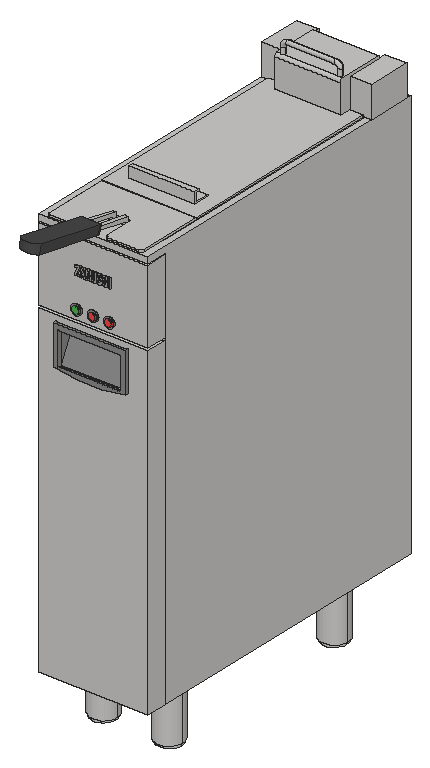
Revit family "QF_ZANUSSI_285003_ZXFRPB1BWQ", category Specialty Equipment, Revit 2018
Family settings
  Round Connector Dimension = Use Diameter
  Part Type = Normal
  Work Plane-Based = No
  Always vertical = Yes
  Cut with Voids When Loaded = No
  Shared = No
  Room Calculation Point = No
Parameters
  Weight = 0.00 kg
  Watts = 0 W
  Volts = 240 V
  URL Manufacturer = "http://www.zanussiprofessional.com/"
  URL = "http://www.zanussiprofessional.com/"
  Steam Supply Size = 0"
  Steam Supply Minimum Pressure = 0.00 psi
  Steam Supply Maximum Pressure = 0.00 psi
  Steam Pounds per Hour = 0
  Show Logo [instance] = yes
  Show Clearance [instance] = yes
  Refrigeration Suction Line Size = 0"
  Refrigeration Liquid Line Size = 0"
  Refrigerant Compressor Remote = yes
  Phase = 1
  Model = "ZXFRPB1BWQ"
  Manufacturer = "Zanussi"
  Length Actual = 200 mm  # constant formula
  Item Number = "285003"
  Hot Water Size = 0"
  Height Actual = 930 mm  # constant formula
  HP = "9.9 HP"
  Gas Size = 0"
  Gas KW = 0
  Gas Input Pressure = 0.0 Btu/h
  Direct Waste Size = 0"
  Description = "9LT EL.FRYER-1WELL+1BASKET+OIL PUMP"
  Depth Actual = 600 mm  # constant formula
  Cycle = 0 Hz
  Condensate Return Size = 0"
  Compressed Air Volume = 0 GPM
  Compressed Air Size = 0"
  Compressed Air Pressure = 0.00 psi
  Cold Water Size = 0"
  Accessory = yes
Reference planes
  plane 1 "BACK": y = 0
  plane 2: z = 0
  plane 3 "LEFT": x = 0
  plane 4 "RIGHT": x = 200
  plane 5 "FRONT": y = -600
  plane 6 "TOP": z = 907
  plane 7 "Center Y": x = 100
  plane 8 "Center X": y = -300
  plane 9 "TOP A": z = 850
  plane 10: z = 100
  plane 11: y = -124
  plane 12: y = -501
  plane 13: y = -943
  plane 14: x = 160
  plane 15: x = 40
  plane 16: z = 915.999
  plane 17: z = 935
  plane 18: x = 155
  plane 19: y = -781
  plane 20: y = -755
  plane 21: y = 95
  plane 22: z = 700
  plane 23: x = 40
  plane 24: z = 935
Forms (mm)
  Extrusion 1, solid, material "QF_Finishes_Stainless Steel"
    sketch origin (0, 0, 0) x (0, 1, 0) y (0, 0, 1)
      loop
        line (0, 850) -> (-600, 850) -> (-600, 838.077) -> (-560.15, 838.077) -> (-560.15, 100) -> (0, 100) -> (0, 850)
      loop
        line (-600, 695) -> (-600, 100) -> (-561.737, 100) -> (-561.737, 695) -> (-600, 695)
      loop
        line (-561.737, 700) -> (-561.737, 835) -> (-600, 835) -> (-600, 700) -> (-561.737, 700)
    from 0 to 200
  Extrusion 2, void
    sketch origin (0, 0, 850) x (-1, 0, 0) y (0, -1, 0)
      loop
        line (-10.5, 88.124) -> (-10.5, 550.573) -> (-189.691, 550.573) -> (-189.691, 88.124) -> (-10.5, 88.124)
    from 0 to -150
  Extrusion 3, solid, material "QF_Clearances", visible <- "Show Clearance", detail levels coarse
    sketch origin (0, 0, 0) x (1, 0, 0) y (0, 1, 0)
      loop
        line (0, 0) -> (200, 0) -> (200, 95) -> (0, 95) -> (0, 0)
    from 0 to 907
  Extrusion 4, solid, material "QF_Door-Drawer Clearances", visible <- "Show Clearance", detail levels coarse
    sketch origin (0, 0, 850) x (-1, 0, 0) y (0, -1, 0)
      loop
        line (-190.5, 600) -> (-9.5, 600)
        arc (-9.5, 600) -> (-62.514, 727.986) -> (-190.5, 781) r 181
        line (-190.5, 781) -> (-190.5, 600)
    from -750 to -155
  Extrusion 5, solid, material "QF_Finishes_Stainless Steel"
    sketch origin (100, -139.304, 888.806) x (0, 1, 0) y (-1, 0, 0)
      loop
        line (49.304, 100) -> (49.304, 60) -> (129.304, 60) -> (129.304, 100) -> (49.304, 100)
      loop
        line (49.304, -100) -> (129.304, -100) -> (129.304, -60) -> (49.304, -60) -> (49.304, -100)
    from -38.806 to 18.194
  Revolve 6, solid, material "QF_Finishes_Stainless Steel"
    sketch origin (0, -501, 608.09) x (0, 0, 1) y (1, 0, 0)
      loop
        line (-608.09, 40) -> (-608.09, 17.609) -> (-603.09, 17.609) -> (-603.09, 15) -> (-508.09, 15) -> (-508.09, 40) -> (-608.09, 40)
      axis (-608.09, 40) -> (-508.09, 40)
    angle from 0 to 360
  Extrusion 7, solid, material "QF_Finishes_Stainless Steel"
    sketch origin (0, 600, 100) x (-1, 0, 0) y (0, 1, 0)
      loop
        circle (-155, -650) r 6.35
    from 0 to 8
  Revolve 8, solid, material "QF_Finishes_Stainless Steel"
    sketch origin (200, -501, 608.09) x (0, 0, 1) y (1, 0, 0)
      loop
        line (-608.09, -40) -> (-508.09, -40) -> (-508.09, -15) -> (-603.09, -15) -> (-603.09, -17.609) -> (-608.09, -17.609) -> (-608.09, -40)
      axis (-608.09, -40) -> (-508.09, -40)
    angle from 0 to 360
  Revolve 9, solid, material "QF_Finishes_Stainless Steel"
    sketch origin (0, -124, 608.09) x (0, 0, 1) y (-1, 0, 0)
      loop
        line (-608.09, -40) -> (-508.09, -40) -> (-508.09, -15) -> (-603.09, -15) -> (-603.09, -17.609) -> (-608.09, -17.609) -> (-608.09, -40)
      axis (-608.09, -40) -> (-508.09, -40)
    angle from 0 to 360
  Revolve 10, solid, material "QF_Finishes_Stainless Steel"
    sketch origin (200, -124, 608.09) x (0, 0, 1) y (-1, 0, 0)
      loop
        line (-608.09, 40) -> (-608.09, 17.609) -> (-603.09, 17.609) -> (-603.09, 15) -> (-508.09, 15) -> (-508.09, 40) -> (-608.09, 40)
      axis (-608.09, 40) -> (-508.09, 40)
    angle from 0 to 360
  Extrusion 11, void
    sketch origin (0, 0, 0) x (0, 1, 0) y (0, 0, 1)
      loop
        line (-600, 615) -> (-570, 675) -> (-600, 675) -> (-600, 615)
    from 40 to 155
  Extrusion 12, solid, material "QF_Finishes_grey"
    sketch origin (0, -600, 695) x (0, 0, -1) y (1, 0, 0)
      loop
        line (20, 40) -> (80, 40) -> (80, 155) -> (20, 155) -> (20, 40)
      loop
        line (10, 32) -> (82.581, 32)
        arc (82.581, 32) -> (90.011, 97.5) -> (82.581, 163) r 292.45
        line (82.581, 163) -> (10, 163) -> (10, 32)
    from 0 to 5
  Extrusion 13, solid, material "QF_Finishes_Red"
    sketch origin (39.327, -600, 649.266) x (0, 0, 1) y (-1, 0, 0)
      loop
        circle (68.272, -60.648) r 6.35
    from 0 to 3.175
  Extrusion 14, solid, material "QF_Finishes_grey"
    sketch origin (0, -600, 700) x (0, 0, 1) y (-1, 0, 0)
      loop
        circle (17.537, -99.975) r 6.35
      loop
        circle (17.537, -99.975) r 9.35
    from 0 to 1.394
  Extrusion 15, solid, material "QF_Finishes_Red"
    sketch origin (69.327, -600, 649.266) x (0, 0, 1) y (-1, 0, 0)
      loop
        circle (68.272, -60.648) r 6.35
    from 0 to 3.175
  Extrusion 16, solid, material "QF_Finishes_grey"
    sketch origin (30, -600, 700) x (0, 0, 1) y (-1, 0, 0)
      loop
        circle (17.537, -99.975) r 6.35
      loop
        circle (17.537, -99.975) r 9.35
    from 0 to 1.394
  Extrusion 17, solid, material "QF_Finishes_Green"
    sketch origin (9.327, -600, 649.266) x (0, 0, 1) y (-1, 0, 0)
      loop
        circle (68.272, -60.648) r 6.35
    from 0 to 3.175
  Extrusion 18, solid, material "QF_Finishes_grey"
    sketch origin (-30, -600, 700) x (0, 0, 1) y (-1, 0, 0)
      loop
        circle (17.537, -99.975) r 6.35
      loop
        circle (17.537, -99.975) r 9.35
    from 0 to 1.394
  Sweep 19, solid, material "QF_Finishes_Stainless Steel"
    path origin (-1.25, 52.5, 0) x (1, 0, 0) y (0, 0, 1)
      loop
        line (51.187, 910.561) -> (51.187, 921.65)
        arc (51.187, 921.65) -> (53.047, 926.14) -> (57.537, 928) r 6.35
        line (57.537, 928) -> (145.725, 928)
        arc (145.725, 928) -> (149.508, 926.433) -> (151.075, 922.65) r 5.35
        line (151.075, 922.65) -> (151.075, 910.561)
    profile origin (49.937, 52.5, 916.105) x (-1, 0, 0) y (0, -1, 0)
      loop
        circle (2.09, 153.254) r 3.827
  Extrusion 20, solid, material "QF_Finishes_Stainless Steel"
    sketch origin (0, 65, 0) x (0, 1, 0) y (0, 0, 1)
      loop
        line (-88.124, 910.561) -> (-170, 910.561)
        arc (-170, 910.561) -> (-173.536, 909.096) -> (-175, 905.561) r 5
        line (-175, 905.561) -> (-175, 850) -> (-88.124, 850) -> (-88.124, 910.561)
    from 40 to 160
  Extrusion 21, solid, material "QF_Finishes_Mesh"
    sketch origin (178.262, -64.779, 844.25) x (-1, 0, 0) y (0, -1, 0)
      loop
        arc (123.4, 118.481) -> (141.36, 125.92) -> (148.8, 143.881) r 25.4
        line (148.8, 143.881) -> (148.8, 376.11)
        arc (148.8, 376.11) -> (141.36, 394.071) -> (123.4, 401.51) r 25.4
        line (123.4, 401.51) -> (33.125, 401.51)
        arc (33.125, 401.51) -> (15.164, 394.071) -> (7.725, 376.11) r 25.4
        line (7.725, 376.11) -> (7.725, 143.881)
        arc (7.725, 143.881) -> (15.164, 125.92) -> (33.125, 118.481) r 25.4
        line (33.125, 118.481) -> (123.4, 118.481)
      loop
        arc (123.4, 121.656) -> (139.115, 128.165) -> (145.625, 143.881) r 22.225
        line (145.625, 143.881) -> (145.625, 376.11)
        arc (145.625, 376.11) -> (139.115, 391.826) -> (123.4, 398.335) r 22.225
        line (123.4, 398.335) -> (33.125, 398.335)
        arc (33.125, 398.335) -> (17.409, 391.826) -> (10.9, 376.11) r 22.225
        line (10.9, 376.11) -> (10.9, 143.881)
        arc (10.9, 143.881) -> (17.409, 128.165) -> (33.125, 121.656) r 22.225
        line (33.125, 121.656) -> (123.4, 121.656)
    from -109 to -5.315
  Extrusion 22, solid, material "QF_Finishes_Black"
    sketch origin (234.175, -818.725, 918.681) x (0, 0.980628, -0.195878) y (-1, 0, 0)
      loop
        arc (79.035, 152.655) -> (68.808, 134.038) -> (79.035, 115.42) r 22.059
        line (79.035, 115.42) -> (214.834, 115.42)
        arc (214.834, 115.42) -> (217.308, 116.446) -> (218.334, 118.92) r 3.5
        line (218.334, 118.92) -> (218.334, 149.146)
        arc (218.334, 149.146) -> (217.306, 151.628) -> (214.824, 152.655) r 3.509
        line (214.824, 152.655) -> (79.035, 152.655)
    from -15.884 to 0
  Extrusion 23, solid, material "QF_Finishes_Stainless Steel"
    sketch origin (0, 0, 850) x (0, -1, 0) y (1, 0, 0)
      loop
        arc (90, 18.5) -> (91.464, 14.964) -> (95, 13.5) r 5
        line (95, 13.5) -> (472, 13.5) -> (472, 186.691) -> (95, 186.691)
        arc (95, 186.691) -> (91.464, 185.227) -> (90, 181.691) r 5
        line (90, 181.691) -> (90, 165)
        arc (90, 165) -> (91.464, 161.464) -> (95, 160) r 5
        line (95, 160) -> (110, 160) -> (110, 40) -> (95, 40)
        arc (95, 40) -> (91.464, 38.536) -> (90, 35) r 5
        line (90, 35) -> (90, 18.5)
      loop
        line (473, 186.691) -> (473, 13.5) -> (592, 13.5)
        arc (592, 13.5) -> (595.536, 14.964) -> (597, 18.5) r 5
        line (597, 18.5) -> (597, 75.55)
        arc (597, 75.55) -> (595.536, 79.086) -> (592, 80.55) r 5
        line (592, 80.55) -> (543.238, 80.55)
        arc (543.238, 80.55) -> (539.703, 82.014) -> (538.238, 85.55) r 5
        line (538.238, 85.55) -> (538.238, 114.641)
        arc (538.238, 114.641) -> (539.703, 118.177) -> (543.238, 119.641) r 5
        line (543.238, 119.641) -> (592, 119.641)
        arc (592, 119.641) -> (595.536, 121.106) -> (597, 124.641) r 5
        line (597, 124.641) -> (597, 181.691)
        arc (597, 181.691) -> (595.536, 185.227) -> (592, 186.691) r 5
        line (592, 186.691) -> (473, 186.691)
    from 0 to 3
  Extrusion 24, solid, material "QF_Finishes_Stainless Steel"
    sketch origin (166.074, -30.154, 119.93) x (0, 0.984808, 0.173648) y (0, -0.173648, 0.984808)
      loop
        line (-380.327, 769.003) -> (-372.194, 815.127) -> (-436.107, 840.041) -> (-438.413, 834.124) -> (-379.351, 811.102) -> (-387.692, 763.803) -> (-308.907, 749.911) -> (-307.796, 756.214) -> (-380.327, 769.003)
    from -80.476 to -74.619
  Extrusion 25, solid, material "QF_Finishes_Stainless Steel"
    sketch origin (34.2, -30.154, 119.93) x (0, 0.984808, 0.173648) y (0, 0.173648, -0.984808)
      loop
        line (-372.194, -815.127) -> (-380.327, -769.003) -> (-307.796, -756.214) -> (-308.907, -749.911) -> (-387.692, -763.803) -> (-379.351, -811.102) -> (-438.413, -834.124) -> (-436.107, -840.041) -> (-372.194, -815.127)
    from -80.476 to -74.619
  Extrusion 26, solid, material "QF_Finishes_Stainless Steel"
    sketch origin (13.5, -88.124, 850) x (0, -1, 0) y (0, 0, 1)
      loop
        line (354.876, 3) -> (354.876, 23) -> (346.126, 23) -> (346.126, 20) -> (351.876, 20) -> (351.876, 5) -> (324.876, 5) -> (324.876, 3) -> (354.876, 3)
    from -26.5 to -146.5
Cuts and joins
  Extrusion 2, Extrusion 11 cuts Extrusion 1
  Extrusion 11 cuts Extrusion 4
Lines and regions (mm)
  symbolic lines, style "QF_Clearances", visible <- "Show Clearance", detail levels coarse
    curve 1: line (200, 95, 850) -> (0, 95, 850)
  symbolic lines
    curve 2: line (0, -600, 850) -> (0, 0, 850)
    curve 3: line (190.5, -90, 850) -> (190.5, -600, 850)
    curve 4: line (11.548, -90, 850) -> (11.548, -597, 850)
    curve 5: line (11.548, -597, 850) -> (75.55, -597, 850)
    curve 6: line (124.641, -597, 850) -> (188.452, -597, 850)
    curve 7: line (188.452, -597, 850) -> (188.452, -90, 850)
    curve 8: line (200, -90, 850) -> (160, -90, 850)
    curve 9: line (200, -600, 850) -> (0, -600, 850)
    curve 11: line (40, -23.124, 850) -> (40, -110, 850)
    curve 12: line (40, -110, 850) -> (160, -110, 850)
    curve 13: line (160, -110, 850) -> (160, -23.124, 850)
    curve 14: line (40, -23.124, 850) -> (160, -23.124, 850)
    curve 15: line (40, -88.124, 850) -> (160, -88.124, 850)
    curve 16: line (40, -90, 850) -> (0, -90, 850)
    curve 18: line (47.824, -96.927, 850) -> (151.941, -96.927, 850)
    curve 19: line (151.941, -104.585, 850) -> (47.824, -104.585, 850)
    curve 20: arc (151.941, -96.927, 850) -> (155.77, -100.756, 850) -> (151.941, -104.585, 850) r 3.829
    curve 21: arc (47.824, -96.927, 850) -> (43.995, -100.756, 850) -> (47.824, -104.585, 850) r 3.829
    curve 22: line (40, -23.124, 0) -> (40, -10, 0)
    curve 23: line (40, -10, 0) -> (0, -10, 0)
    curve 24: line (0, -10, 0) -> (0, -90, 0)
    curve 25: line (160, -23.124, 0) -> (160, -10, 0)
    curve 26: line (160, -10, 0) -> (200, -10, 0)
    curve 27: line (200, 0, 0) -> (200, -600, 0)
    curve 28: arc (119.641, -592, 0) -> (121.106, -595.536, 0) -> (124.641, -597, 0) r 5
    curve 29: line (119.641, -543.238, 0) -> (119.641, -592, 0)
    curve 30: arc (114.641, -538.238, 0) -> (118.177, -539.703, 0) -> (119.641, -543.238, 0) r 5
    curve 31: line (85.55, -538.238, 0) -> (114.641, -538.238, 0)
    curve 32: arc (80.55, -543.238, 0) -> (82.014, -539.703, 0) -> (85.55, -538.238, 0) r 5
    curve 33: line (80.55, -592, 0) -> (80.55, -543.238, 0)
    curve 34: arc (75.55, -597, 0) -> (79.086, -595.536, 0) -> (80.55, -592, 0) r 5
    curve 35: line (81.52, -608.062, 0) -> (81.52, -744.332, 0)
    curve 36: spline (85.029, -604.621, 0) -> (84.571, -604.65, 0) -> (84.121, -604.738, 0) -> (83.686, -604.883, 0) -> (83.274, -605.082, 0) -> (82.893, -605.332, 0) -> (82.547, -605.628, 0) -> (82.245, -605.967, 0) -> (81.99, -606.341, 0) -> (81.787, -606.745, 0) -> (81.639, -607.171, 0) -> (81.55, -607.613, 0) -> (81.52, -608.062, 0)
    curve 37: line (115.255, -604.621, 0) -> (85.029, -604.621, 0)
    curve 38: spline (118.755, -608.053, 0) -> (118.725, -607.605, 0) -> (118.635, -607.164, 0) -> (118.488, -606.739, 0) -> (118.286, -606.337, 0) -> (118.031, -605.963, 0) -> (117.729, -605.626, 0) -> (117.385, -605.33, 0) -> (117.005, -605.08, 0) -> (116.594, -604.882, 0) -> (116.16, -604.738, 0) -> (115.711, -604.65, 0) -> (115.255, -604.621, 0)
    curve 39: line (118.755, -744.332, 0) -> (118.755, -608.053, 0)
    curve 40: spline (118.755, -744.332, 0) -> (116.522, -747.213, 0) -> (113.832, -749.688, 0) -> (110.758, -751.689, 0) -> (107.387, -753.16, 0) -> (103.814, -754.059, 0) -> (100.137, -754.361, 0) -> (96.461, -754.059, 0) -> (92.887, -753.16, 0) -> (89.516, -751.689, 0) -> (86.443, -749.688, 0) -> (83.752, -747.213, 0) -> (81.52, -744.332, 0)
    curve 41: line (13.5, -592, 0) -> (13.5, -473, 0)
    curve 42: line (13.5, -473, 0) -> (186.691, -473, 0)
    curve 43: line (186.691, -473, 0) -> (186.691, -592, 0)
    curve 44: arc (181.691, -597, 0) -> (185.227, -595.536, 0) -> (186.691, -592, 0) r 5
    curve 45: arc (13.5, -592, 0) -> (14.964, -595.536, 0) -> (18.5, -597, 0) r 5
    curve 46: line (13.5, -472, 0) -> (186.691, -472, 0)
    curve 47: line (186.691, -472, 0) -> (186.691, -95, 0)
    curve 48: line (13.5, -95, 0) -> (13.5, -472, 0)
    curve 49: arc (40, -95, 0) -> (38.536, -91.464, 0) -> (35, -90, 0) r 5
    curve 50: arc (18.5, -90, 0) -> (14.964, -91.464, 0) -> (13.5, -95, 0) r 5
    curve 51: arc (165, -90, 0) -> (161.464, -91.464, 0) -> (160, -95, 0) r 5
    curve 52: arc (186.691, -95, 0) -> (185.227, -91.464, 0) -> (181.691, -90, 0) r 5
    curve 53: line (63.625, -600, 0) -> (63.625, -603.175, 0)
    curve 54: line (63.625, -603.175, 0) -> (76.325, -603.175, 0)
    curve 55: line (76.325, -603.175, 0) -> (76.325, -600, 0)
    curve 56: line (106.325, -603.175, 0) -> (106.325, -600, 0)
    curve 57: line (106.325, -603.175, 0) -> (93.625, -603.175, 0)
    curve 58: line (91.456, -538.238, 0) -> (91.456, -604.621, 0)
    curve 59: line (108.819, -538.238, 0) -> (108.819, -604.621, 0)
    curve 60: line (114.676, -538.238, 0) -> (114.676, -604.621, 0)
    curve 61: line (85.599, -538.238, 0) -> (85.599, -604.621, 0)
    curve 62: line (93.625, -603.175, 0) -> (93.625, -600, 0)
    curve 63: line (136.325, -603.175, 0) -> (123.625, -603.175, 0)
    curve 64: line (123.625, -603.175, 0) -> (123.625, -600, 0)
    curve 65: line (136.325, -603.175, 0) -> (136.325, -600, 0)
    curve 66: line (45, -413, 0) -> (155, -413, 0)
    curve 67: line (40, -443, 0) -> (40, -418, 0)
    curve 68: line (160, -443, 0) -> (40, -443, 0)
    curve 69: line (160, -418, 0) -> (160, -443, 0)
    curve 70: line (45, -434.25, 0) -> (155, -434.25, 0)
    curve 71: arc (40, -418, 0) -> (41.464, -414.464, 0) -> (45, -413, 0) r 5
    curve 72: arc (155, -413, 0) -> (158.536, -414.464, 0) -> (160, -418, 0) r 5
    curve 73: arc (40, -439.25, 0) -> (41.464, -435.714, 0) -> (45, -434.25, 0) r 5
    curve 74: arc (160, -439.25, 0) -> (158.536, -435.714, 0) -> (155, -434.25, 0) r 5
  symbolic lines, style "QF_Door-Drawer Clearances"
    curve 10: line (190.5, -781, 850) -> (190.5, -600, 850)
    curve 17: arc (9.5, -600, 0) -> (62.514, -727.986, 0) -> (190.5, -781, 0) r 181
Dimensions and locks
  equal spacing: plane 3 "LEFT", plane 7 "Center Y", plane 4 "RIGHT"
  plane 3 "LEFT" to plane 4 "RIGHT" = 200 mm
  equal spacing: plane 5 "FRONT", plane 8 "Center X", plane 1 "BACK"
  plane 5 "FRONT" to plane 1 "BACK" = 600 mm  (x2)
  plane 1 "BACK" to plane 5 "FRONT" = 600 mm
  plane 10 to level = 100 mm  (x2)
  plane 1 "BACK" to plane 11 = 124 mm
  plane 11 to plane 12 = 377 mm
  locked: plane 12 to cut or joined group of Extrusion 1, Extrusion 2, Extrusion 11 at 99
  locked: plane 13 to plane 5 "FRONT" at 343
  plane 4 "RIGHT" to plane 14 = 40 mm
  plane 15 to plane 3 "LEFT" = 40 mm
  plane 16 to plane 9 "TOP A" = 65.999 mm
  plane 9 "TOP A" to plane 17 = 85 mm
  plane 4 "RIGHT" to plane 3 "LEFT" = 200 mm
  plane 9 "TOP A" to plane 10 = 750 mm
  plane 6 "TOP" to level = 907 mm
  Extrusion 7 sketch curve to plane 1 "BACK" = 50 mm
  Extrusion 7 sketch curve to plane 4 "RIGHT" = 45 mm
  plane 10 to Extrusion 7 = 8 mm  (x2)
  plane 18 to plane 4 "RIGHT" = 45 mm
  plane 1 "BACK" to Extrusion 7 = 50 mm
  plane 5 "FRONT" to plane 19 = 181 mm
  plane 5 "FRONT" to plane 20 = 155 mm
  curve 1 to plane 1 "BACK" = 95 mm
  plane 9 "TOP A" to Extrusion 3 = 850 mm
  Revolve 6 sketch curve to Revolve 6 sketch curve = 25 mm
  Revolve 8 sketch curve to Revolve 8 sketch curve = 25 mm
  Revolve 9 sketch curve to Revolve 9 sketch curve = 25 mm
  Revolve 10 sketch curve to Revolve 10 sketch curve = 25 mm
  plane 1 "BACK" to plane 20 = 755 mm
  aligned and locked: level to plane 2
  aligned and locked: plane 4 "RIGHT" to Extrusion 1
  aligned and locked: plane 6 "TOP" to Extrusion 3
  aligned and locked: plane 6 "TOP" to Extrusion 5
  aligned and locked: plane 12 to Revolve 6
  aligned and locked: Extrusion 3 sketch curve to plane 21
  aligned and locked: Extrusion 3 to plane 3 "LEFT"
  aligned and locked: plane 4 "RIGHT" to Extrusion 3
  aligned and locked: Extrusion 2 to Extrusion 1
  aligned and locked: cut or joined group of Extrusion 1, Extrusion 2, Extrusion 11 to Extrusion 4
  aligned and locked: plane 15 to Revolve 6 sketch curve
  aligned and locked: Extrusion 11 sketch curve to plane 5 "FRONT"
  aligned and locked: Extrusion 5 sketch curve to Extrusion 5 sketch curve  (x2)
Automatic sketch dimensions
  Revolve 6 sketch curve to level = 0 mm
  Revolve 6 sketch curve to plane 10 = 0 mm  (x2)
  plane 15 to Revolve 6 sketch curve = 0 mm
  level to Revolve 6 sketch curve = 5 mm
  Revolve 6 sketch curve to Revolve 6 sketch curve = 2.609 mm
  plane 10 to Revolve 6 sketch curve = 20 mm
  Revolve 8 sketch curve to level = 0 mm
  Revolve 8 sketch curve to plane 10 = 0 mm  (x2)
  plane 14 to Revolve 8 sketch curve = 0 mm  (x2)
  level to Revolve 8 sketch curve = 5 mm
  Revolve 8 sketch curve to Revolve 8 sketch curve = 2.609 mm
  plane 10 to Revolve 8 sketch curve = 20 mm
  Revolve 9 sketch curve to level = 0 mm
  Revolve 9 sketch curve to plane 10 = 0 mm  (x2)
  Revolve 9 sketch curve to plane 15 = 0 mm  (x2)
  level to Revolve 9 sketch curve = 5 mm
  Revolve 9 sketch curve to Revolve 9 sketch curve = 2.609 mm
  plane 10 to Revolve 9 sketch curve = 20 mm
  Revolve 10 sketch curve to level = 0 mm
  Revolve 10 sketch curve to plane 10 = 0 mm  (x2)
  Revolve 10 sketch curve to plane 14 = 0 mm  (x2)
  level to Revolve 10 sketch curve = 5 mm
  Revolve 10 sketch curve to Revolve 10 sketch curve = 2.609 mm
  plane 10 to Revolve 10 sketch curve = 20 mm
  plane 9 "TOP A" to Sweep 19 sketch curve = 60.561 mm  (x2)
  plane 16 to Sweep 19 sketch curve = 5.651 mm
  plane 15 to Sweep 19 sketch curve = 9.937 mm
  plane 17 to Sweep 19 sketch curve = 7 mm
  plane 18 to Sweep 19 sketch curve = 10.525 mm
  plane 18 to Sweep 19 sketch curve = 5.175 mm
  Sweep 19 sketch curve to profile plane = 2.09 mm
  profile plane to Sweep 19 sketch curve = 153.254 mm
  Extrusion 22 sketch curve to plane 7 "Center Y" = 18.48 mm
  Extrusion 22 sketch curve to Extrusion 22 sketch curve = 0 mm
  plane 7 "Center Y" to Extrusion 22 sketch curve = 0.137 mm
  Extrusion 22 sketch curve to Extrusion 22 sketch curve = 11.832 mm
  Extrusion 22 sketch curve to plane 7 "Center Y" = 14.971 mm
  Extrusion 22 sketch curve to Extrusion 22 sketch curve = 123.958 mm
  Extrusion 22 sketch curve to Extrusion 22 sketch curve = 3.5 mm
  Extrusion 1 sketch curve to plane 5 "FRONT" = 0 mm  (x3)
  Extrusion 1 sketch curve to plane 22 = 0 mm
  Extrusion 1 sketch curve to plane 10 = 0 mm  (x2)
  Extrusion 1 sketch curve to plane 1 "BACK" = 0 mm
  Extrusion 1 sketch curve to plane 9 "TOP A" = 0 mm
  Extrusion 1 sketch curve to plane 9 "TOP A" = 15 mm
  Extrusion 1 sketch curve to plane 5 "FRONT" = 38.263 mm
  Extrusion 1 sketch curve to Extrusion 1 sketch curve = 0 mm
  Extrusion 1 sketch curve to Extrusion 1 sketch curve = 1.588 mm
  Extrusion 1 sketch curve to plane 22 = 5 mm
  Extrusion 1 sketch curve to Extrusion 1 sketch curve = 3.077 mm
  Extrusion 2 sketch curve to plane 4 "RIGHT" = 10.309 mm
  plane 3 "LEFT" to Extrusion 2 sketch curve = 10.5 mm
  Extrusion 2 sketch curve to plane 11 = 35.876 mm
  Extrusion 2 sketch curve to plane 5 "FRONT" = 49.427 mm
  Extrusion 3 sketch curve to plane 3 "LEFT" = 0 mm
  Extrusion 3 sketch curve to plane 4 "RIGHT" = 0 mm
  plane 1 "BACK" to Extrusion 3 sketch curve = 0 mm
  Extrusion 4 sketch curve to plane 19 = 0 mm
  plane 5 "FRONT" to Extrusion 4 sketch curve = 0 mm
  Extrusion 4 sketch curve to plane 4 "RIGHT" = 9.5 mm
  Extrusion 5 sketch curve to plane 3 "LEFT" = 0 mm
  Extrusion 5 sketch curve to plane 14 = 0 mm
  Extrusion 5 sketch curve to plane 15 = 0 mm
  Extrusion 5 sketch curve to plane 4 "RIGHT" = 0 mm
  Extrusion 5 sketch curve to plane 11 = 34 mm
  plane 1 "BACK" to Extrusion 5 sketch curve = 10 mm
  Extrusion 1 to Extrusion 11 sketch curve = 8.263 mm
  Extrusion 1 to Extrusion 11 sketch curve = 80 mm
  Extrusion 1 to Extrusion 11 sketch curve = 20 mm
  Extrusion 1 to Extrusion 12 sketch curve = 97.5 mm
  Extrusion 12 sketch curve to Extrusion 1 = 202.439 mm
  Extrusion 1 to Extrusion 12 sketch curve = 10 mm
  Extrusion 12 sketch curve to Extrusion 12 sketch curve = 10 mm
  Extrusion 12 sketch curve to Extrusion 12 sketch curve = 60 mm
  Extrusion 12 sketch curve to Extrusion 12 sketch curve = 2.581 mm  (x2)
  Extrusion 1 to Extrusion 12 sketch curve = 40 mm
  Extrusion 12 sketch curve to Extrusion 12 sketch curve = 8 mm  (x2)
  Extrusion 13 sketch curve to plane 7 "Center Y" = 0.025 mm
  plane 22 to Extrusion 13 sketch curve = 17.537 mm
  Extrusion 14 sketch curve to Extrusion 14 sketch curve = 0 mm  (x12)
  Extrusion 1 to Extrusion 14 sketch curve = 17.537 mm
  Extrusion 1 to Extrusion 14 sketch curve = 99.975 mm
  Extrusion 14 sketch curve to Extrusion 14 sketch curve = 6.35 mm
  Extrusion 14 sketch curve to Extrusion 14 sketch curve = 3 mm
  plane 22 to Extrusion 15 sketch curve = 17.537 mm
  plane 18 to Extrusion 15 sketch curve = 25.025 mm
  Extrusion 16 sketch curve to Extrusion 16 sketch curve = 0 mm  (x12)
  Extrusion 1 to Extrusion 16 sketch curve = 17.537 mm
  Extrusion 1 to Extrusion 16 sketch curve = 70.025 mm
  Extrusion 16 sketch curve to Extrusion 16 sketch curve = 6.35 mm
  Extrusion 16 sketch curve to Extrusion 16 sketch curve = 3 mm
  plane 22 to Extrusion 17 sketch curve = 17.537 mm
  plane 15 to Extrusion 17 sketch curve = 29.975 mm
  Extrusion 18 sketch curve to Extrusion 18 sketch curve = 0 mm  (x12)
  Extrusion 1 to Extrusion 18 sketch curve = 17.537 mm
  Extrusion 1 to Extrusion 18 sketch curve = 69.975 mm
  Extrusion 18 sketch curve to Extrusion 18 sketch curve = 6.35 mm
  Extrusion 18 sketch curve to Extrusion 18 sketch curve = 3 mm
  Extrusion 20 sketch curve to plane 9 "TOP A" = 0 mm
  Extrusion 20 sketch curve to plane 6 "TOP" = 1.439 mm
  Extrusion 20 sketch curve to plane 11 = 14 mm
  Extrusion 20 sketch curve to Extrusion 20 sketch curve = 5 mm
  plane 1 "BACK" to Extrusion 20 sketch curve = 23.124 mm
  Extrusion 21 sketch curve to Extrusion 21 sketch curve = 0 mm  (x8)
  plane 14 to Extrusion 21 sketch curve = 10.538 mm
  Extrusion 21 sketch curve to Extrusion 21 sketch curve = 3.175 mm
  plane 18 to Extrusion 21 sketch curve = 9.862 mm  (x2)
  plane 15 to Extrusion 21 sketch curve = 14.862 mm  (x2)
  Extrusion 21 sketch curve to plane 15 = 7.363 mm
  plane 11 to Extrusion 21 sketch curve = 59.26 mm
  Extrusion 21 sketch curve to plane 12 = 60.11 mm
  Extrusion 1 to Extrusion 23 sketch curve = 18.5 mm
  Extrusion 1 to Extrusion 23 sketch curve = 90 mm  (x2)
  Extrusion 1 to Extrusion 23 sketch curve = 18.309 mm  (x2)
  Extrusion 23 sketch curve to Extrusion 23 sketch curve = 5 mm  (x6)
  Extrusion 23 sketch curve to Extrusion 23 sketch curve = 15 mm
  Extrusion 23 sketch curve to Extrusion 1 = 128 mm
  Extrusion 23 sketch curve to Extrusion 23 sketch curve = 1 mm
  Extrusion 23 sketch curve to Extrusion 1 = 61.762 mm
  Extrusion 23 sketch curve to Extrusion 1 = 8 mm  (x4)
  Extrusion 23 sketch curve to Extrusion 1 = 3 mm  (x2)
  Extrusion 1 to Extrusion 23 sketch curve = 13.5 mm
  Extrusion 23 sketch curve to Extrusion 23 sketch curve = 16.5 mm
  Extrusion 23 sketch curve to Extrusion 23 sketch curve = 57.05 mm
  Extrusion 23 sketch curve to Extrusion 23 sketch curve = 29.091 mm
  Extrusion 23 sketch curve to Extrusion 23 sketch curve = 21.691 mm
  plane 9 "TOP A" to Extrusion 24 sketch curve = 15.252 mm
  plane 5 "FRONT" to Extrusion 24 sketch curve = 6.75 mm
  Extrusion 24 sketch curve to Extrusion 24 sketch curve = 2.306 mm
  Extrusion 24 sketch curve to Extrusion 24 sketch curve = 50.721 mm
  Extrusion 24 sketch curve to Extrusion 24 sketch curve = 7.365 mm
  Extrusion 24 sketch curve to Extrusion 24 sketch curve = 0.975 mm
  Extrusion 24 sketch curve to Extrusion 24 sketch curve = 7.158 mm
  Extrusion 24 sketch curve to Extrusion 24 sketch curve = 71.42 mm
  Extrusion 24 sketch curve to Extrusion 24 sketch curve = 1.111 mm
  Extrusion 24 sketch curve to Extrusion 24 sketch curve = 18.997 mm
  plane 9 "TOP A" to Extrusion 25 sketch curve = 15.252 mm
  plane 5 "FRONT" to Extrusion 25 sketch curve = 6.75 mm
  Extrusion 25 sketch curve to Extrusion 25 sketch curve = 2.306 mm
  Extrusion 25 sketch curve to Extrusion 25 sketch curve = 50.721 mm
  Extrusion 25 sketch curve to Extrusion 25 sketch curve = 7.365 mm
  Extrusion 25 sketch curve to Extrusion 25 sketch curve = 0.975 mm
  Extrusion 25 sketch curve to Extrusion 25 sketch curve = 7.158 mm
  Extrusion 25 sketch curve to Extrusion 25 sketch curve = 71.42 mm
  Extrusion 25 sketch curve to Extrusion 25 sketch curve = 1.111 mm
  Extrusion 25 sketch curve to Extrusion 25 sketch curve = 5.916 mm
  Extrusion 23 to Extrusion 26 sketch curve = 0 mm
  Extrusion 26 sketch curve to Extrusion 23 = 59 mm
  Extrusion 26 sketch curve to Extrusion 26 sketch curve = 21.25 mm
  Extrusion 26 sketch curve to Extrusion 23 = 2 mm
  Extrusion 26 sketch curve to Extrusion 26 sketch curve = 5.75 mm
  Extrusion 26 sketch curve to Extrusion 26 sketch curve = 3 mm  (x2)
  Extrusion 26 sketch curve to Extrusion 26 sketch curve = 15 mm
  curve 24 to plane 3 "LEFT" = 0 mm
  plane 5 "FRONT" to curve 17 = 0 mm
  curve 22 to plane 15 = 0 mm
  curve 49 to plane 15 = 0 mm
  curve 73 to plane 15 = 0 mm
  plane 5 "FRONT" to curve 53 = 0 mm
  plane 5 "FRONT" to curve 55 = 0 mm
  plane 5 "FRONT" to curve 62 = 0 mm
  plane 5 "FRONT" to curve 56 = 0 mm
  plane 5 "FRONT" to curve 64 = 0 mm
  plane 5 "FRONT" to curve 65 = 0 mm
  curve 70 to plane 18 = 0 mm
  curve 72 to plane 18 = 0 mm
  curve 69 to plane 14 = 0 mm
  curve 25 to plane 14 = 0 mm
  curve 51 to plane 14 = 0 mm
  curve 17 to plane 19 = 0 mm
  curve 26 to plane 4 "RIGHT" = 0 mm
  plane 5 "FRONT" to curve 27 = 0 mm
  plane 3 "LEFT" to curve 42 = 13.5 mm
  curve 48 to curve 41 = 0 mm
  curve 45 to curve 45 = 5 mm
  curve 50 to curve 50 = 5 mm
  curve 49 to curve 49 = 5 mm
  plane 15 to curve 71 = 5 mm
  plane 15 to curve 70 = 5 mm
  plane 5 "FRONT" to curve 54 = 3.175 mm
  plane 15 to curve 54 = 23.625 mm
  curve 53 to curve 34 = 11.925 mm
  curve 34 to curve 55 = 0.775 mm
  curve 34 to curve 33 = 5 mm
  curve 54 to curve 35 = 5.195 mm
  curve 36 to curve 37 = 3.509 mm
  curve 32 to curve 31 = 5 mm
  plane 5 "FRONT" to curve 62 = 3.175 mm
  curve 62 to plane 7 "Center Y" = 6.375 mm
  plane 7 "Center Y" to curve 57 = 6.325 mm
  plane 7 "Center Y" to curve 30 = 14.641 mm
  curve 56 to curve 37 = 8.93 mm
  curve 38 to curve 39 = 3.5 mm
  curve 30 to curve 29 = 5 mm
  plane 5 "FRONT" to curve 63 = 3.175 mm
  curve 38 to curve 63 = 4.87 mm
  curve 29 to curve 28 = 5 mm
  curve 63 to curve 63 = 12.7 mm
  curve 51 to curve 51 = 5 mm
  curve 51 to curve 52 = 16.691 mm
  curve 44 to plane 5 "FRONT" = 8 mm
  curve 44 to plane 4 "RIGHT" = 18.309 mm
  curve 47 to plane 4 "RIGHT" = 13.309 mm
  curve 44 to curve 43 = 5 mm
  curve 44 to curve 17 = 3.809 mm
  plane 20 to curve 35 = 10.668 mm
  plane 20 to curve 39 = 10.668 mm
  curve 35 to curve 54 = 4.887 mm
  curve 39 to curve 63 = 4.878 mm
  curve 38 to curve 37 = 3.432 mm
  curve 45 to plane 5 "FRONT" = 8 mm
  curve 28 to plane 5 "FRONT" = 8 mm
  curve 33 to plane 5 "FRONT" = 8 mm
  plane 12 to curve 29 = 42.238 mm
  curve 42 to plane 12 = 28 mm
  curve 41 to curve 46 = 1 mm
  curve 46 to curve 67 = 29 mm
  curve 68 to curve 74 = 3.75 mm
  curve 74 to curve 69 = 16.25 mm
  curve 49 to plane 11 = 29 mm
  curve 52 to plane 11 = 29 mm
  curve 50 to curve 49 = 0 mm
  curve 51 to curve 52 = 0 mm
  plane 1 "BACK" to curve 26 = 10 mm
  curve 40 to curve 40 = 3.442 mm
  curve 32 to curve 61 = 0.049 mm
  curve 58 to curve 57 = 2.169 mm
  curve 59 to curve 31 = 5.822 mm
  curve 60 to curve 38 = 0.579 mm
  curve 39 to curve 40 = 11.603 mm
  curve 30 to curve 60 = 0 mm
  curve 48 to curve 24 = 5 mm
  curve 25 to curve 25 = 13.124 mm
  curve 22 to curve 22 = 13.124 mm
  curve 8 to plane 4 "RIGHT" = 0 mm
  curve 9 to plane 4 "RIGHT" = 0 mm
  curve 10 to plane 19 = 0 mm
  plane 5 "FRONT" to curve 3 = 0 mm
  curve 14 to plane 14 = 0 mm
  curve 15 to plane 15 = 0 mm
  plane 5 "FRONT" to curve 9 = 0 mm
  curve 9 to curve 3 = 9.5 mm
  curve 3 to curve 7 = 2.048 mm
  plane 18 to curve 19 = 3.059 mm
  plane 15 to curve 21 = 7.824 mm
  curve 4 to plane 5 "FRONT" = 3 mm
  plane 3 "LEFT" to curve 4 = 11.548 mm
  plane 1 "BACK" to curve 14 = 23.124 mm
  curve 18 to plane 11 = 27.073 mm
  curve 21 to curve 21 = 3.829 mm
  curve 19 to curve 12 = 5.415 mm
  curve 7 to plane 5 "FRONT" = 3 mm
  plane 7 "Center Y" to curve 6 = 24.641 mm
  curve 5 to plane 7 "Center Y" = 24.45 mm
  curve 15 to curve 18 = 8.803 mm
  curve 15 to curve 16 = 1.876 mm
  curve 15 to curve 7 = 1.876 mm
  curve 16 to plane 3 "LEFT" = 0 mm
  curve 1 to plane 3 "LEFT" = 0 mm
  plane 1 "BACK" to curve 27 = 0 mm
  plane 1 "BACK" to curve 24 = 10 mm
  plane 1 "BACK" to curve 2 = 0 mm
  curve 1 to plane 4 "RIGHT" = 0 mm
  radius of Sweep 19 sketch curve = 3.827 mm
  radius of Extrusion 7 sketch curve = 6.35 mm
  radius of Extrusion 13 sketch curve = 6.35 mm
  radius of Extrusion 15 sketch curve = 6.35 mm
  radius of Extrusion 17 sketch curve = 6.35 mm
Nested families
  nested 1: "ZAN_Logo_XS_Grey" at (99.863, -600, 782.479) x (1, 0, 0) z (0, -1, 0), visible <- "Show Logo", type "ZAN_Logo_XS_Grey"
Connectors
  electrical at (155, -50, 92)
    settings: on Extrusion 7, index 1, voltage 400 V, apparent load 16050 VA, apparent load phase1 0 VA, apparent load phase2 0 VA, apparent load phase3 0 VA, power factor 1, load classification "Other", number of poles 1, system type 30, power factor state 1, is connector primary yes, connector utility no, sub classification motor no, connector description "ELECTRICAL CONNECTION"
Definition of nested family "ZAN_Logo_XS_Grey"
  Parameters
    Default Elevation = 0 mm
  Reference planes
    plane 1 "Centro (Fronte/Retro)": y = 0
    plane 2: z = 0
    plane 3 "Centro (Sinistra/Destra)": x = 0
  Forms (mm)
    Extrusion 1, solid
      sketch origin (0, 0, 0) x (1, 0, 0) y (0, 1, 0)
        loop
          line (-1219.2, 1219.2) -> (-1219.2, -1219.2) -> (1219.2, -1219.2) -> (1219.2, 1219.2) -> (-1219.2, 1219.2)
      from 0 to -304.8
    Extrusion 2, solid
      sketch origin (17.793, -46.218, 0) x (-1, 0, 0) y (0, -1, 0)
        loop
          spline (1.911, -54.793) -> (2.402, -54.973) -> (2.91, -55.105) -> (3.43, -55.191) -> (3.955, -55.229) -> (4.482, -55.219) -> (5.006, -55.161) -> (5.521, -55.054) -> (6.022, -54.898) -> (6.506, -54.693) -> (6.966, -54.438) -> (7.398, -54.133) -> (7.797, -53.778)
          spline (7.797, -53.778) -> (8.033, -53.407) -> (8.237, -53.008) -> (8.407, -52.586) -> (8.544, -52.147) -> (8.65, -51.697) -> (8.723, -51.241) -> (8.764, -50.785) -> (8.774, -50.335) -> (8.753, -49.897) -> (8.701, -49.475) -> (8.619, -49.075) -> (8.507, -48.704)
          line (8.507, -48.704) -> (6.883, -46.37) -> (5.158, -44.848) -> (3.027, -42.716)
          spline (3.027, -42.716) -> (3.002, -42.56) -> (2.979, -42.398) -> (2.962, -42.23) -> (2.952, -42.059) -> (2.951, -41.886) -> (2.963, -41.714) -> (2.99, -41.545) -> (3.034, -41.378) -> (3.098, -41.218) -> (3.184, -41.065) -> (3.295, -40.921) -> (3.433, -40.788)
          line (3.433, -40.788) -> (4.752, -40.687)
          spline (4.752, -40.687) -> (4.999, -40.855) -> (5.185, -41.053) -> (5.32, -41.275) -> (5.41, -41.518) -> (5.463, -41.775) -> (5.488, -42.044) -> (5.491, -42.319) -> (5.481, -42.596) -> (5.466, -42.87) -> (5.452, -43.137) -> (5.448, -43.392) -> (5.462, -43.63)
          line (5.462, -43.63) -> (9.014, -43.63)
          spline (9.014, -43.63) -> (9.056, -43.199) -> (9.08, -42.769) -> (9.084, -42.342) -> (9.067, -41.92) -> (9.027, -41.503) -> (8.964, -41.093) -> (8.875, -40.691) -> (8.759, -40.3) -> (8.615, -39.919) -> (8.441, -39.552) -> (8.237, -39.198) -> (7.999, -38.86)
          spline (7.999, -38.86) -> (7.708, -38.596) -> (7.394, -38.361) -> (7.059, -38.155) -> (6.707, -37.977) -> (6.338, -37.828) -> (5.957, -37.706) -> (5.565, -37.612) -> (5.165, -37.545) -> (4.76, -37.504) -> (4.351, -37.491) -> (3.942, -37.503) -> (3.534, -37.541)
          spline (3.534, -37.541) -> (3.104, -37.608) -> (2.677, -37.709) -> (2.258, -37.842) -> (1.85, -38.007) -> (1.459, -38.203) -> (1.086, -38.429) -> (0.737, -38.685) -> (0.415, -38.969) -> (0.123, -39.282) -> (-0.133, -39.622) -> (-0.35, -39.989) -> (-0.525, -40.383)
          spline (-0.525, -40.383) -> (-0.633, -40.866) -> (-0.704, -41.352) -> (-0.738, -41.837) -> (-0.736, -42.318) -> (-0.698, -42.794) -> (-0.627, -43.262) -> (-0.521, -43.719) -> (-0.382, -44.164) -> (-0.211, -44.592) -> (-0.008, -45.003) -> (0.226, -45.394) -> (0.49, -45.761)
          line (0.49, -45.761) -> (4.549, -49.414) -> (5.056, -50.023) -> (5.259, -51.647) -> (4.042, -52.256) -> (3.027, -51.546) -> (2.925, -49.414) -> (-0.424, -49.414) -> (-0.22, -52.865)
          spline (-0.22, -52.865) -> (-0.13, -53.068) -> (-0.013, -53.268) -> (0.127, -53.466) -> (0.287, -53.658) -> (0.464, -53.843) -> (0.655, -54.019) -> (0.856, -54.185) -> (1.065, -54.338) -> (1.278, -54.478) -> (1.492, -54.601) -> (1.704, -54.707) -> (1.911, -54.793)
        loop
          spline (-10.267, -52.966) -> (-9.987, -53.421) -> (-9.658, -53.822) -> (-9.284, -54.17) -> (-8.873, -54.466) -> (-8.429, -54.711) -> (-7.959, -54.907) -> (-7.467, -55.054) -> (-6.96, -55.154) -> (-6.443, -55.207) -> (-5.922, -55.214) -> (-5.402, -55.178) -> (-4.889, -55.098)
          spline (-4.889, -55.098) -> (-4.532, -55.03) -> (-4.176, -54.93) -> (-3.825, -54.799) -> (-3.483, -54.639) -> (-3.156, -54.45) -> (-2.847, -54.235) -> (-2.561, -53.994) -> (-2.303, -53.729) -> (-2.077, -53.442) -> (-1.889, -53.134) -> (-1.742, -52.805) -> (-1.641, -52.459)
          spline (-1.641, -52.459) -> (-1.485, -51.997) -> (-1.371, -51.525) -> (-1.299, -51.049) -> (-1.269, -50.572) -> (-1.282, -50.098) -> (-1.337, -49.63) -> (-1.434, -49.173) -> (-1.574, -48.73) -> (-1.756, -48.306) -> (-1.98, -47.904) -> (-2.246, -47.528) -> (-2.555, -47.182)
          line (-2.555, -47.182) -> (-6.31, -43.833) -> (-7.121, -42.615)
          spline (-7.121, -42.615) -> (-7.146, -42.461) -> (-7.169, -42.304) -> (-7.188, -42.144) -> (-7.2, -41.984) -> (-7.204, -41.823) -> (-7.198, -41.664) -> (-7.178, -41.506) -> (-7.144, -41.352) -> (-7.093, -41.202) -> (-7.023, -41.058) -> (-6.932, -40.919) -> (-6.817, -40.788)
          line (-6.817, -40.788) -> (-5.802, -40.585)
          spline (-5.802, -40.585) -> (-5.443, -40.671) -> (-5.17, -40.818) -> (-4.971, -41.02) -> (-4.836, -41.266) -> (-4.753, -41.547) -> (-4.711, -41.854) -> (-4.699, -42.178) -> (-4.705, -42.51) -> (-4.718, -42.84) -> (-4.726, -43.16) -> (-4.719, -43.46) -> (-4.686, -43.731)
          line (-4.686, -43.731) -> (-1.134, -43.63)
          spline (-1.134, -43.63) -> (-1.09, -43.193) -> (-1.063, -42.747) -> (-1.055, -42.296) -> (-1.07, -41.845) -> (-1.112, -41.396) -> (-1.185, -40.953) -> (-1.291, -40.522) -> (-1.435, -40.104) -> (-1.619, -39.705) -> (-1.848, -39.329) -> (-2.125, -38.978) -> (-2.453, -38.657)
          spline (-2.453, -38.657) -> (-2.873, -38.351) -> (-3.319, -38.09) -> (-3.785, -37.876) -> (-4.269, -37.706) -> (-4.765, -37.582) -> (-5.269, -37.503) -> (-5.778, -37.468) -> (-6.287, -37.477) -> (-6.792, -37.53) -> (-7.288, -37.626) -> (-7.771, -37.765) -> (-8.238, -37.947)
          spline (-8.238, -37.947) -> (-8.443, -38.033) -> (-8.65, -38.14) -> (-8.858, -38.264) -> (-9.065, -38.405) -> (-9.269, -38.562) -> (-9.468, -38.733) -> (-9.661, -38.917) -> (-9.846, -39.112) -> (-10.022, -39.317) -> (-10.185, -39.53) -> (-10.335, -39.751) -> (-10.47, -39.977)
          spline (-10.47, -39.977) -> (-10.65, -40.464) -> (-10.783, -40.962) -> (-10.87, -41.467) -> (-10.91, -41.976) -> (-10.904, -42.487) -> (-10.851, -42.996) -> (-10.752, -43.501) -> (-10.606, -43.998) -> (-10.413, -44.486) -> (-10.174, -44.961) -> (-9.889, -45.421) -> (-9.557, -45.863)
          line (-9.557, -45.863) -> (-5.295, -49.719) -> (-4.787, -51.038) -> (-5.193, -52.053) -> (-6.107, -52.256) -> (-7.121, -51.546) -> (-7.223, -49.516) -> (-10.673, -49.414)
          spline (-10.673, -49.414) -> (-10.656, -49.721) -> (-10.65, -50.03) -> (-10.653, -50.341) -> (-10.658, -50.651) -> (-10.662, -50.96) -> (-10.661, -51.267) -> (-10.648, -51.569) -> (-10.621, -51.865) -> (-10.573, -52.154) -> (-10.502, -52.435) -> (-10.401, -52.706) -> (-10.267, -52.966)
        loop
          line (-11.282, -37.541) -> (-14.834, -37.541) -> (-14.834, -54.894) -> (-11.282, -54.894) -> (-11.282, -37.541)
        loop
          line (15.205, -41.702) -> (15.205, -54.894) -> (18.757, -54.894) -> (18.757, -43.224) -> (18.554, -40.383)
          arc (18.554, -40.383) -> (17.093, -38.328) -> (14.698, -37.541) r 4.037
          line (14.698, -37.541) -> (13.074, -37.541) -> (12.262, -37.744)
          arc (12.262, -37.744) -> (10.306, -39.004) -> (9.522, -41.194) r 3.619
          line (9.522, -41.194) -> (9.522, -54.894) -> (13.074, -54.894) -> (13.074, -42.006) -> (13.479, -41.093) -> (14.596, -40.991) -> (15.205, -41.702)
        loop
          line (19.569, -54.894) -> (22.816, -54.894) -> (22.816, -43.833) -> (25.759, -54.894) -> (29.514, -54.894) -> (29.514, -37.541) -> (26.368, -37.541) -> (26.368, -49.008) -> (23.425, -37.541) -> (19.569, -37.541) -> (19.569, -54.894)
        loop
          line (41.184, -54.894) -> (50.013, -54.894) -> (50.013, -51.647) -> (45.345, -51.749) -> (50.419, -41.093) -> (50.419, -37.541) -> (41.184, -37.541) -> (41.184, -41.093) -> (46.511, -41.093) -> (41.184, -51.952) -> (41.184, -54.894)
        loop
          line (32.964, -54.894) -> (37.835, -54.894) -> (40.981, -37.541) -> (37.328, -37.541) -> (36.821, -40.89) -> (33.878, -40.89) -> (33.37, -37.541) -> (29.717, -37.541) -> (32.964, -54.894)
        loop
          line (36.415, -44.036) -> (34.385, -44.036) -> (35.4, -51.928) -> (36.415, -44.036)
      from 0 to 1.644
  Dimensions and locks
    aligned and locked: plane 2 to Extrusion 1
    aligned and locked: level to Extrusion 1
